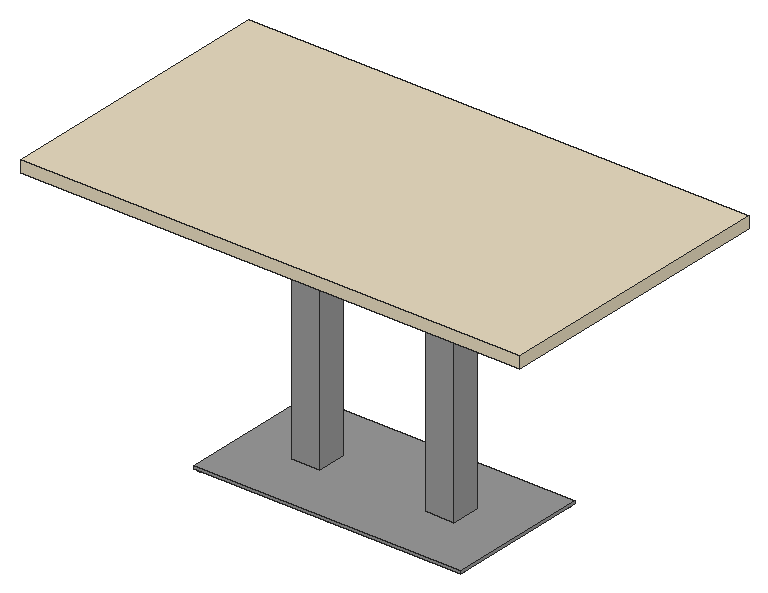
Revit family "FU_Table_Sandler_590AQ-XT", category Furniture, Revit 2020
Family settings
  OmniClass Number = 23.40.20.00
  OmniClass Title = General Furniture and Specialties
  Work Plane-Based = No
  Always vertical = Yes
  Cut with Voids When Loaded = No
  Shared = No
  Room Calculation Point = No
Parameters (values of type "590Q-MT - 32x56" Top (80x140cm)")
  Width = 750 mm
  URL = "https://www.sandlerseating.com/product/591q-mt/"
  Top Size = FU_TableTops_MT Sqr : 32x55" Top (80x140cm)
  Top Finish [instance] = Wood - Beech - Honey Stained
  Model = "590Q-MT"
  Manufacturer = "Sandler"
  Height = 720 mm
  Frame Finish [instance] = Metal - Steel - Polished
  Elevation = Height  # 720 mm
  Description = "Double column table base in stainless steel."
  Depth = 400 mm
  Default Elevation = 0 mm
Types (5, lengths in mm): name | Top Size | Frame Finish
  590Q-MT - 28x48" Top (70x120cm) | FU_TableTops_MT Sqr : 28x48" Top (70x120cm) | Metal - Steel - Polished
  590Q-MT - 28x51" Top (70x130cm) | FU_TableTops_MT Sqr : 28x52" Top (70x130cm) | Metal - Steel - Matt-Satin
  590Q-MT - 32x48" Top (80x120cm) | FU_TableTops_MT Sqr : 32x48" Top (80x120cm) | Metal - Steel - Polished
  590Q-MT - 32x51" Top (80x130cm) | FU_TableTops_MT Sqr : 32x52" Top (80x130cm) | Metal - Steel - Polished
  590Q-MT - 32x56" Top (80x140cm) | FU_TableTops_MT Sqr : 32x55" Top (80x140cm) | Metal - Steel - Polished
Reference planes
  plane 1 "Center (Front/Back)": y = 0
  plane 2: z = 0
  plane 3 "Center (Left/Right)": x = 0
  plane 4 "Right": x = -375
  plane 5 "Left": x = 375
  plane 6 "Back": y = 200
  plane 7 "Front": y = -200
  plane 8 "Height": z = 720
  plane 9 "Glide height": z = 4
  plane 10 "LG H": y = 185.83
  plane 11: x = -360.83
  plane 12: x = -187.5
Forms (mm)
  Extrusion 1, solid, material "Metal - Steel - Polished" <- "Frame Finish"
    sketch origin (0, 0, 4) x (-1, 0, 0) y (0, -1, 0)
      loop
        line (375, -200) -> (375, 200) -> (-375, 200) -> (-375, -200) -> (375, -200)
    from 0 to 6
  Revolve 2, solid, material "Rubber, Black"
    sketch origin (0, 185.83, 0) x (-1, 0, 0) y (0, 0, 1)
      loop
        line (372.33, 4) -> (360.83, 4) -> (360.83, 0) -> (370.33, 0)
        arc (370.33, 0) -> (371.744, 0.586) -> (372.33, 2) r 2
        line (372.33, 2) -> (372.33, 4)
      axis (360.83, 4) -> (360.83, 0)
    angle from 0 to 360
  Revolve 3, solid, material "Rubber, Black"
    sketch origin (0, 185.83, 0) x (1, 0, 0) y (0, 0, 1)
      loop
        line (372.33, 4) -> (362.33, 4) -> (362.33, 0) -> (370.33, 0)
        arc (370.33, 0) -> (371.744, 0.586) -> (372.33, 2) r 2
        line (372.33, 2) -> (372.33, 4)
      axis (362.33, 4) -> (362.33, 0)
    angle from 0 to 360
  Revolve 4, solid, material "Rubber, Black"
    sketch origin (0, -185.83, 0) x (-1, 0, 0) y (0, 0, -1)
      loop
        line (372.33, -4) -> (372.33, -2)
        arc (372.33, -2) -> (371.744, -0.586) -> (370.33, 0) r 2
        line (370.33, 0) -> (360.83, 0) -> (360.83, -4) -> (372.33, -4)
      axis (360.83, -4) -> (360.83, 0)
    angle from 0 to 360
  Revolve 5, solid, material "Rubber, Black"
    sketch origin (0, -185.83, 0) x (1, 0, 0) y (0, 0, 1)
      loop
        line (372.33, 4) -> (362.33, 4) -> (362.33, 0) -> (370.33, 0)
        arc (370.33, 0) -> (371.744, 0.586) -> (372.33, 2) r 2
        line (372.33, 2) -> (372.33, 4)
      axis (362.33, 4) -> (362.33, 0)
    angle from 0 to 360
  Revolve 6, solid, material "Rubber, Black"
    sketch origin (-360.83, 185.83, 0) x (1, 0, 0) y (0, 0, 1)
      loop
        line (370.83, 4) -> (360.83, 4) -> (360.83, 0) -> (368.83, 0)
        arc (368.83, 0) -> (370.244, 0.586) -> (370.83, 2) r 2
        line (370.83, 2) -> (370.83, 4)
      axis (360.83, 4) -> (360.83, 0)
    angle from 0 to 360
  Revolve 7, solid, material "Rubber, Black"
    sketch origin (-360.83, -185.83, 0) x (1, 0, 0) y (0, 0, 1)
      loop
        line (370.83, 4) -> (360.83, 4) -> (360.83, 0) -> (368.83, 0)
        arc (368.83, 0) -> (370.244, 0.586) -> (370.83, 2) r 2
        line (370.83, 2) -> (370.83, 4)
      axis (360.83, 4) -> (360.83, 0)
    angle from 0 to 360
  Extrusion 8, solid, material "Metal - Steel - Polished" <- "Frame Finish"
    sketch origin (0, 0, 4) x (-1, 0, 0) y (0, -1, 0)
      loop
        line (227.5, -40) -> (227.5, 40) -> (147.5, 40) -> (147.5, -40) -> (227.5, -40)
    from 6 to 716
  Extrusion 9, solid, material "Metal - Steel - Polished" <- "Frame Finish"
    sketch origin (0, 0, 4) x (1, 0, 0) y (0, 1, 0)
      loop
        line (227.5, 40) -> (147.5, 40) -> (147.5, -40) -> (227.5, -40) -> (227.5, 40)
    from 6 to 716
  Extrusion 10, solid, material "Metal - Steel - Polished" <- "Frame Finish"
    sketch origin (0, 0, 720) x (-1, 0, 0) y (0, -1, 0)
      loop
        line (235.5, 44.024) -> (307.236, 117.26)
        arc (307.236, 117.26) -> (304.417, 120.065) -> (301.532, 122.802) r 167.789
        line (301.532, 122.802) -> (227.879, 47.718) -> (147.12, 47.718) -> (73.468, 122.802)
        arc (73.468, 122.802) -> (70.583, 120.065) -> (67.764, 117.26) r 167.789
        line (67.764, 117.26) -> (139.5, 44.024) -> (139.5, -44.024) -> (67.486, -116.038)
        arc (67.486, -116.038) -> (70.298, -118.884) -> (73.177, -121.661) r 166.741
        line (73.177, -121.661) -> (146.556, -48.282) -> (228.444, -48.282) -> (301.823, -121.661)
        arc (301.823, -121.661) -> (304.702, -118.884) -> (307.514, -116.038) r 166.741
        line (307.514, -116.038) -> (235.5, -44.024) -> (235.5, 44.024)
    from -5.84 to -20
  Extrusion 11, solid, material "Metal - Steel - Polished" <- "Frame Finish"
    sketch origin (0, 0, 720) x (-1, 0, 0) y (0, -1, 0)
      loop
        arc (235.5, 9.198) -> (237.694, 20.46) -> (243.955, 30.074) r 30
        line (243.955, 30.074) -> (342.527, 133.309)
        arc (342.527, 133.309) -> (344.782, 138.939) -> (342.439, 144.533) r 8
        line (342.439, 144.533) -> (329.622, 157.35)
        arc (329.622, 157.35) -> (323.965, 159.693) -> (318.308, 157.35) r 8
        line (318.308, 157.35) -> (219.527, 57.069)
        arc (219.527, 57.069) -> (209.794, 50.566) -> (198.314, 48.282) r 30
        line (198.314, 48.282) -> (176.686, 48.282)
        arc (176.686, 48.282) -> (165.206, 50.566) -> (155.473, 57.069) r 30
        line (155.473, 57.069) -> (56.692, 157.35)
        arc (56.692, 157.35) -> (51.035, 159.693) -> (45.378, 157.35) r 8
        line (45.378, 157.35) -> (32.561, 144.533)
        arc (32.561, 144.533) -> (30.218, 138.939) -> (32.473, 133.309) r 8
        line (32.473, 133.309) -> (131.045, 30.074)
        arc (131.045, 30.074) -> (137.306, 20.46) -> (139.5, 9.198) r 30
        line (139.5, 9.198) -> (139.5, -9.198)
        arc (139.5, -9.198) -> (137.306, -20.46) -> (131.045, -30.074) r 30
        line (131.045, -30.074) -> (32.473, -131.809)
        arc (32.473, -131.809) -> (30.218, -137.439) -> (32.561, -143.033) r 8
        line (32.561, -143.033) -> (45.378, -155.85)
        arc (45.378, -155.85) -> (51.035, -158.193) -> (56.692, -155.85) r 8
        line (56.692, -155.85) -> (155.473, -57.069)
        arc (155.473, -57.069) -> (165.206, -50.566) -> (176.686, -48.282) r 30
        line (176.686, -48.282) -> (198.314, -48.282)
        arc (198.314, -48.282) -> (209.794, -50.566) -> (219.527, -57.069) r 30
        line (219.527, -57.069) -> (318.308, -155.85)
        arc (318.308, -155.85) -> (323.965, -158.193) -> (329.622, -155.85) r 8
        line (329.622, -155.85) -> (342.439, -143.033)
        arc (342.439, -143.033) -> (344.782, -137.439) -> (342.527, -131.809) r 8
        line (342.527, -131.809) -> (243.955, -30.074)
        arc (243.955, -30.074) -> (237.694, -20.46) -> (235.5, -9.198) r 30
        line (235.5, -9.198) -> (235.5, 9.198)
      loop
        line (53.101, -141.055) -> (62.998, -131.158)
        arc (62.998, -131.158) -> (62.998, -125.502) -> (57.342, -125.502) r 3.999
        line (57.342, -125.502) -> (47.445, -135.399)
        arc (47.445, -135.399) -> (47.5, -141.001) -> (53.101, -141.055) r 4
      loop
        arc (321.899, -141.055) -> (327.5, -141.001) -> (327.555, -135.399) r 4
        line (327.555, -135.399) -> (317.658, -125.502)
        arc (317.658, -125.502) -> (312.002, -125.502) -> (312.002, -131.158) r 3.999
        line (312.002, -131.158) -> (321.899, -141.055)
      loop
        arc (53.101, 142.555) -> (47.5, 142.501) -> (47.445, 136.899) r 4
        line (47.445, 136.899) -> (57.342, 127.002)
        arc (57.342, 127.002) -> (62.998, 127.002) -> (62.998, 132.658) r 3.999
        line (62.998, 132.658) -> (53.101, 142.555)
      loop
        line (321.899, 142.555) -> (312.002, 132.658)
        arc (312.002, 132.658) -> (312.002, 127.002) -> (317.658, 127.002) r 3.999
        line (317.658, 127.002) -> (327.555, 136.899)
        arc (327.555, 136.899) -> (327.5, 142.501) -> (321.899, 142.555) r 4
      loop
        circle (187.5, 0) r 7.5
    from -9.84 to 0
  Extrusion 12, solid, material "Metal - Steel - Polished" <- "Frame Finish"
    sketch origin (0, 0, 720) x (1, 0, 0) y (0, 1, 0)
      loop
        line (235.5, -44.024) -> (235.5, 44.024) -> (309.014, 116.038)
        arc (309.014, 116.038) -> (306.203, 118.919) -> (303.323, 121.732) r 167.824
        line (303.323, 121.732) -> (228.444, 48.282) -> (146.556, 48.282) -> (73.177, 121.661)
        arc (73.177, 121.661) -> (70.298, 118.884) -> (67.486, 116.038) r 166.741
        line (67.486, 116.038) -> (139.5, 44.024) -> (139.5, -44.024) -> (67.764, -117.26)
        arc (67.764, -117.26) -> (70.583, -120.065) -> (73.468, -122.802) r 167.789
        line (73.468, -122.802) -> (147.12, -47.718) -> (227.879, -47.718) -> (303.032, -122.871)
        arc (303.032, -122.871) -> (305.917, -120.1) -> (308.736, -117.26) r 168.862
        line (308.736, -117.26) -> (235.5, -44.024)
    from -5.84 to -20
  Extrusion 13, solid, material "Metal - Steel - Polished" <- "Frame Finish"
    sketch origin (0, 0, 720) x (1, 0, 0) y (0, 1, 0)
      loop
        line (235.5, -9.198) -> (235.5, 9.198)
        arc (235.5, 9.198) -> (237.694, 20.46) -> (243.955, 30.074) r 30
        line (243.955, 30.074) -> (344.027, 131.809)
        arc (344.027, 131.809) -> (346.282, 137.439) -> (343.939, 143.033) r 8
        line (343.939, 143.033) -> (331.122, 155.85)
        arc (331.122, 155.85) -> (325.465, 158.193) -> (319.808, 155.85) r 8
        line (319.808, 155.85) -> (219.527, 57.069)
        arc (219.527, 57.069) -> (209.794, 50.566) -> (198.314, 48.282) r 30
        line (198.314, 48.282) -> (176.686, 48.282)
        arc (176.686, 48.282) -> (165.206, 50.566) -> (155.473, 57.069) r 30
        line (155.473, 57.069) -> (56.692, 155.85)
        arc (56.692, 155.85) -> (51.035, 158.193) -> (45.378, 155.85) r 8
        line (45.378, 155.85) -> (32.561, 143.033)
        arc (32.561, 143.033) -> (30.218, 137.439) -> (32.473, 131.809) r 8
        line (32.473, 131.809) -> (131.045, 30.074)
        arc (131.045, 30.074) -> (137.306, 20.46) -> (139.5, 9.198) r 30
        line (139.5, 9.198) -> (139.5, -9.198)
        arc (139.5, -9.198) -> (137.306, -20.46) -> (131.045, -30.074) r 30
        line (131.045, -30.074) -> (32.473, -133.309)
        arc (32.473, -133.309) -> (30.218, -138.939) -> (32.561, -144.533) r 8
        line (32.561, -144.533) -> (45.378, -157.35)
        arc (45.378, -157.35) -> (51.035, -159.693) -> (56.692, -157.35) r 8
        line (56.692, -157.35) -> (155.473, -57.069)
        arc (155.473, -57.069) -> (165.206, -50.566) -> (176.686, -48.282) r 30
        line (176.686, -48.282) -> (198.314, -48.282)
        arc (198.314, -48.282) -> (209.794, -50.566) -> (219.527, -57.069) r 30
        line (219.527, -57.069) -> (319.808, -157.35)
        arc (319.808, -157.35) -> (325.465, -159.693) -> (331.122, -157.35) r 8
        line (331.122, -157.35) -> (343.939, -144.533)
        arc (343.939, -144.533) -> (346.282, -138.939) -> (344.027, -133.309) r 8
        line (344.027, -133.309) -> (243.955, -30.074)
        arc (243.955, -30.074) -> (237.694, -20.46) -> (235.5, -9.198) r 30
      loop
        arc (53.101, 141.055) -> (47.5, 141.001) -> (47.445, 135.399) r 4
        line (47.445, 135.399) -> (57.342, 125.502)
        arc (57.342, 125.502) -> (62.998, 125.502) -> (62.998, 131.158) r 3.999
        line (62.998, 131.158) -> (53.101, 141.055)
      loop
        line (323.399, 141.055) -> (313.502, 131.158)
        arc (313.502, 131.158) -> (313.502, 125.502) -> (319.158, 125.502) r 3.999
        line (319.158, 125.502) -> (329.055, 135.399)
        arc (329.055, 135.399) -> (329, 141.001) -> (323.399, 141.055) r 4
      loop
        line (53.101, -142.555) -> (62.998, -132.658)
        arc (62.998, -132.658) -> (62.998, -127.002) -> (57.342, -127.002) r 3.999
        line (57.342, -127.002) -> (47.445, -136.899)
        arc (47.445, -136.899) -> (47.5, -142.501) -> (53.101, -142.555) r 4
      loop
        arc (323.399, -142.555) -> (329, -142.501) -> (329.055, -136.899) r 4
        line (329.055, -136.899) -> (319.158, -127.002)
        arc (319.158, -127.002) -> (313.502, -127.002) -> (313.502, -132.658) r 3.999
        line (313.502, -132.658) -> (323.399, -142.555)
      loop
        circle (187.5, 0) r 7.5
    from -9.84 to 0
Cuts and joins
  joined: Extrusion 1, Extrusion 8, Extrusion 9, Extrusion 10, Extrusion 11, Extrusion 12, Extrusion 13
Dimensions and locks
  equal spacing: plane 4 "Right", plane 3 "Center (Left/Right)", plane 5 "Left"
  "Width": plane 4 "Right" to plane 5 "Left"
  equal spacing: plane 6 "Back", plane 1 "Center (Front/Back)", plane 7 "Front"
  "Depth": plane 6 "Back" to plane 7 "Front"
  "Height": plane 8 "Height" to level
  plane 9 "Glide height" to level = 4 mm
  aligned and locked: level to plane 2
  aligned and locked: plane 8 "Height" to cut or joined group of Extrusion 1, Extrusion 8, Extrusion 9, Extrusion 10, Extrusion 11, Extrusion 12, Extrusion 13  (x2)
Automatic sketch dimensions
  Extrusion 1 sketch curve to plane 5 "Left" = 0 mm
  Extrusion 1 sketch curve to plane 4 "Right" = 0 mm
  Extrusion 1 sketch curve to plane 6 "Back" = 0 mm
  Extrusion 1 sketch curve to plane 7 "Front" = 0 mm
  Revolve 2 sketch curve to plane 9 "Glide height" = 0 mm  (x2)
  plane 11 to Revolve 2 sketch curve = 0 mm  (x2)
  Revolve 2 sketch curve to level = 0 mm
  level to Revolve 2 sketch curve = 2 mm
  Revolve 2 sketch curve to plane 4 "Right" = 4.67 mm
  Revolve 2 sketch curve to level = 1.303 mm
  Revolve 3 sketch curve to plane 9 "Glide height" = 0 mm  (x2)
  Revolve 3 sketch curve to level = 0 mm
  Revolve 3 sketch curve to plane 5 "Left" = 12.67 mm
  Revolve 3 sketch curve to level = 2 mm
  Revolve 3 sketch curve to plane 5 "Left" = 4.67 mm
  Revolve 3 sketch curve to Revolve 3 sketch curve = 0 mm
  Revolve 3 sketch curve to Revolve 3 sketch curve = 1.303 mm
  Revolve 4 sketch curve to plane 9 "Glide height" = 0 mm  (x2)
  plane 11 to Revolve 4 sketch curve = 0 mm  (x2)
  Revolve 4 sketch curve to level = 0 mm
  level to Revolve 4 sketch curve = 2 mm
  Revolve 4 sketch curve to plane 4 "Right" = 4.67 mm
  Revolve 4 sketch curve to level = 1.303 mm
  Revolve 5 sketch curve to plane 9 "Glide height" = 0 mm  (x2)
  Revolve 5 sketch curve to level = 0 mm
  plane 5 "Left" to Revolve 5 sketch curve = 12.67 mm
  level to Revolve 5 sketch curve = 2 mm
  plane 5 "Left" to Revolve 5 sketch curve = 4.67 mm
  Revolve 5 sketch curve to Revolve 5 sketch curve = 0 mm
  Revolve 5 sketch curve to Revolve 5 sketch curve = 1.303 mm
  Revolve 6 sketch curve to plane 9 "Glide height" = 0 mm  (x2)
  Revolve 6 sketch curve to level = 0 mm
  plane 3 "Center (Left/Right)" to Revolve 6 sketch curve = 0 mm
  Revolve 6 sketch curve to level = 2 mm
  Revolve 6 sketch curve to plane 3 "Center (Left/Right)" = 8 mm
  Revolve 6 sketch curve to Revolve 6 sketch curve = 0 mm
  Revolve 6 sketch curve to Revolve 6 sketch curve = 1.303 mm
  Revolve 7 sketch curve to plane 9 "Glide height" = 0 mm  (x2)
  Revolve 7 sketch curve to level = 0 mm
  Revolve 7 sketch curve to plane 3 "Center (Left/Right)" = 0 mm
  level to Revolve 7 sketch curve = 2 mm
  plane 3 "Center (Left/Right)" to Revolve 7 sketch curve = 8 mm
  Revolve 7 sketch curve to Revolve 7 sketch curve = 0 mm
  Revolve 7 sketch curve to Revolve 7 sketch curve = 1.303 mm
  Extrusion 8 sketch curve to plane 12 = 40 mm
  Extrusion 8 sketch curve to plane 1 "Center (Front/Back)" = 40 mm
  plane 1 "Center (Front/Back)" to Extrusion 9 sketch curve = 40 mm
  Extrusion 9 sketch curve to plane 3 "Center (Left/Right)" = 147.5 mm
  Extrusion 10 sketch curve to Extrusion 10 sketch curve = 0 mm  (x12)
  Extrusion 10 sketch curve to plane 12 = 0 mm
  Extrusion 10 sketch curve to plane 12 = 40.38 mm
  Extrusion 10 sketch curve to plane 12 = 40.944 mm
  Extrusion 10 sketch curve to Extrusion 10 sketch curve = 7.056 mm  (x2)
  Extrusion 10 sketch curve to plane 3 "Center (Left/Right)" = 73.468 mm
  Extrusion 10 sketch curve to plane 3 "Center (Left/Right)" = 73.177 mm
  Extrusion 10 sketch curve to Extrusion 10 sketch curve = 5.704 mm  (x2)
  Extrusion 10 sketch curve to Extrusion 10 sketch curve = 5.691 mm  (x2)
  plane 12 to Extrusion 10 sketch curve = 40.38 mm
  plane 12 to Extrusion 10 sketch curve = 40.944 mm
  Extrusion 10 sketch curve to plane 11 = 59.298 mm
  Extrusion 10 sketch curve to plane 11 = 59.007 mm
  Extrusion 10 sketch curve to plane 10 "LG H" = 64.169 mm  (x2)
  Extrusion 10 sketch curve to Extrusion 10 sketch curve = 5.623 mm
  Extrusion 10 sketch curve to plane 1 "Center (Front/Back)" = 48.282 mm
  Extrusion 10 sketch curve to Extrusion 10 sketch curve = 4.258 mm  (x2)
  plane 1 "Center (Front/Back)" to Extrusion 10 sketch curve = 44.024 mm  (x2)
  Extrusion 10 sketch curve to Extrusion 10 sketch curve = 3.693 mm
  plane 7 "Front" to Extrusion 10 sketch curve = 82.74 mm  (x2)
  plane 1 "Center (Front/Back)" to Extrusion 11 sketch curve = 0 mm
  Extrusion 11 sketch curve to plane 12 = 0 mm
  Extrusion 11 sketch curve to plane 12 = 10.814 mm  (x2)
  Extrusion 11 sketch curve to Extrusion 11 sketch curve = 21.213 mm  (x5)
  plane 1 "Center (Front/Back)" to Extrusion 11 sketch curve = 9.198 mm  (x2)
  Extrusion 11 sketch curve to plane 12 = 48 mm
  Extrusion 11 sketch curve to plane 1 "Center (Front/Back)" = 30.074 mm  (x2)
  Extrusion 11 sketch curve to Extrusion 11 sketch curve = 8.455 mm  (x4)
  plane 1 "Center (Front/Back)" to Extrusion 11 sketch curve = 30.074 mm  (x2)
  Extrusion 11 sketch curve to plane 1 "Center (Front/Back)" = 9.198 mm  (x2)
  Extrusion 11 sketch curve to plane 3 "Center (Left/Right)" = 62.998 mm  (x2)
  Extrusion 11 sketch curve to Extrusion 11 sketch curve = 2.828 mm  (x12)
  Extrusion 11 sketch curve to Extrusion 11 sketch curve = 6.306 mm  (x4)
  Extrusion 11 sketch curve to Extrusion 11 sketch curve = 9.897 mm  (x8)
  Extrusion 11 sketch curve to Extrusion 11 sketch curve = 5.657 mm  (x18)
  Extrusion 11 sketch curve to Extrusion 11 sketch curve = 2.773 mm  (x6)
  Extrusion 11 sketch curve to Extrusion 11 sketch curve = 2.883 mm  (x6)
  Extrusion 11 sketch curve to plane 10 "LG H" = 29.98 mm  (x2)
  Extrusion 11 sketch curve to Extrusion 11 sketch curve = 9.227 mm  (x4)
  Extrusion 11 sketch curve to Extrusion 11 sketch curve = 5.745 mm  (x4)
  plane 12 to Extrusion 11 sketch curve = 10.814 mm  (x2)
  plane 12 to Extrusion 11 sketch curve = 48 mm
  Extrusion 11 sketch curve to plane 11 = 48.828 mm  (x2)
  Extrusion 11 sketch curve to Extrusion 11 sketch curve = 12.817 mm  (x2)
  Extrusion 11 sketch curve to Extrusion 11 sketch curve = 9.138 mm  (x4)
  Extrusion 11 sketch curve to Extrusion 11 sketch curve = 48.208 mm
  Extrusion 11 sketch curve to Extrusion 11 sketch curve = 0 mm
  plane 1 "Center (Front/Back)" to Extrusion 11 sketch curve = 48.282 mm
  Extrusion 11 sketch curve to Extrusion 11 sketch curve = 8.787 mm  (x2)
  plane 7 "Front" to Extrusion 11 sketch curve = 72.998 mm  (x2)
  Extrusion 11 sketch curve to Extrusion 11 sketch curve = 6.307 mm  (x2)
  Extrusion 11 sketch curve to Extrusion 11 sketch curve = 5.567 mm  (x2)
  Extrusion 12 sketch curve to Extrusion 12 sketch curve = 0 mm  (x12)
  Extrusion 12 sketch curve to plane 3 "Center (Left/Right)" = 67.486 mm
  Extrusion 12 sketch curve to plane 3 "Center (Left/Right)" = 67.764 mm
  Extrusion 12 sketch curve to Extrusion 12 sketch curve = 5.691 mm  (x2)
  Extrusion 12 sketch curve to Extrusion 12 sketch curve = 5.704 mm  (x2)
  plane 1 "Center (Front/Back)" to Extrusion 12 sketch curve = 44.024 mm  (x2)
  Extrusion 12 sketch curve to Extrusion 12 sketch curve = 72.014 mm
  plane 1 "Center (Front/Back)" to Extrusion 12 sketch curve = 48.282 mm
  Extrusion 12 sketch curve to Extrusion 12 sketch curve = 7.056 mm  (x2)
  Extrusion 12 sketch curve to plane 1 "Center (Front/Back)" = 47.718 mm
  Extrusion 12 sketch curve to Extrusion 12 sketch curve = 7.62 mm
  plane 1 "Center (Front/Back)" to Extrusion 12 sketch curve = 0.282 mm
  Extrusion 12 sketch curve to Extrusion 12 sketch curve = 40.38 mm  (x2)
  Extrusion 12 sketch curve to Extrusion 12 sketch curve = 40.944 mm
  Extrusion 12 sketch curve to plane 5 "Left" = 71.968 mm
  Extrusion 12 sketch curve to plane 5 "Left" = 71.677 mm
  plane 10 "LG H" to Extrusion 12 sketch curve = 69.792 mm  (x2)
  Extrusion 12 sketch curve to Extrusion 12 sketch curve = 3.693 mm  (x2)
  Extrusion 12 sketch curve to plane 7 "Front" = 82.74 mm  (x2)
  plane 1 "Center (Front/Back)" to Extrusion 13 sketch curve = 0 mm
  Extrusion 13 sketch curve to plane 3 "Center (Left/Right)" = 32.473 mm  (x2)
  Extrusion 13 sketch curve to Extrusion 13 sketch curve = 0.089 mm  (x2)
  Extrusion 13 sketch curve to Extrusion 13 sketch curve = 5.745 mm  (x4)
  Extrusion 13 sketch curve to Extrusion 13 sketch curve = 12.817 mm  (x4)
  Extrusion 13 sketch curve to Extrusion 13 sketch curve = 9.227 mm  (x4)
  Extrusion 13 sketch curve to Extrusion 13 sketch curve = 2.883 mm  (x6)
  Extrusion 13 sketch curve to Extrusion 13 sketch curve = 5.657 mm  (x16)
  Extrusion 13 sketch curve to Extrusion 13 sketch curve = 2.773 mm  (x6)
  plane 10 "LG H" to Extrusion 13 sketch curve = 29.98 mm  (x2)
  Extrusion 13 sketch curve to Extrusion 13 sketch curve = 9.897 mm  (x8)
  Extrusion 13 sketch curve to Extrusion 13 sketch curve = 2.828 mm  (x12)
  plane 1 "Center (Front/Back)" to Extrusion 13 sketch curve = 9.198 mm  (x2)
  Extrusion 13 sketch curve to plane 3 "Center (Left/Right)" = 109.5 mm
  Extrusion 13 sketch curve to Extrusion 13 sketch curve = 0 mm
  Extrusion 13 sketch curve to plane 1 "Center (Front/Back)" = 30.074 mm  (x2)
  Extrusion 13 sketch curve to Extrusion 13 sketch curve = 21.545 mm  (x2)
  plane 1 "Center (Front/Back)" to Extrusion 13 sketch curve = 30.074 mm  (x2)
  Extrusion 13 sketch curve to plane 1 "Center (Front/Back)" = 57.069 mm  (x2)
  Extrusion 13 sketch curve to Extrusion 13 sketch curve = 24.427 mm  (x2)
  plane 1 "Center (Front/Back)" to Extrusion 13 sketch curve = 57.069 mm  (x2)
  Extrusion 13 sketch curve to Extrusion 13 sketch curve = 21.213 mm  (x5)
  Extrusion 13 sketch curve to Extrusion 13 sketch curve = 48 mm  (x2)
  Extrusion 13 sketch curve to Extrusion 13 sketch curve = 21.628 mm  (x2)
  Extrusion 13 sketch curve to plane 1 "Center (Front/Back)" = 9.198 mm
  Extrusion 13 sketch curve to Extrusion 13 sketch curve = 8.455 mm  (x2)
  Extrusion 13 sketch curve to plane 5 "Left" = 61.498 mm  (x2)
  Extrusion 13 sketch curve to Extrusion 13 sketch curve = 6.306 mm  (x2)
  Extrusion 13 sketch curve to Extrusion 13 sketch curve = 9.138 mm  (x4)
  Extrusion 13 sketch curve to Extrusion 13 sketch curve = 8.787 mm
  Extrusion 13 sketch curve to plane 7 "Front" = 72.998 mm  (x2)
  Extrusion 13 sketch curve to Extrusion 13 sketch curve = 6.307 mm  (x2)
  Extrusion 13 sketch curve to Extrusion 13 sketch curve = 5.567 mm  (x2)
  plane 12 to Extrusion 8 sketch curve = 40 mm
  plane 1 "Center (Front/Back)" to Extrusion 8 sketch curve = 40 mm
  Extrusion 9 sketch curve to Extrusion 9 sketch curve = 80 mm
  Extrusion 9 sketch curve to plane 1 "Center (Front/Back)" = 40 mm
  radius of Extrusion 11 sketch curve = 7.5 mm
  radius of Extrusion 13 sketch curve = 7.5 mm
Nested families
  nested 1: "FU_TableTops_MT Sqr" at (0, 0, 0), Top Elevation <- "Elevation", Top Finish <- "Top Finish", type <- "Top Size", type "32x55" Top (80x140cm)"
    with Top Finish Wood - Beech - Honey Stained, Top Elevation 720 mm
Definition of nested family "FU_TableTops_MT Sqr"
  Parameters (values of type "24x48" Top (60x120cm)")
    Width = 1200 mm
    Top Finish [instance] = none
    Top Elevation [instance] = 1100 mm
    Depth = 600 mm
    Default Elevation = 0 mm
  Types (16, lengths in mm): name | Width | Depth
    28x48" Top (70x120cm) | 1200 | 700
    28x52" Top (70x130cm) | 1300 | 700
    32x48" Top (80x120cm) | 1200 | 800
    32x52" Top (80x130cm) | 1300 | 800
    28x55" Top (70x140cm) | 1400 | 700
    32x55" Top (80x140cm) | 1400 | 800
    24" Square (60cm) | 600 | 600
    28" Square (70cm) | 700 | 700
    32" Square (80cm) | 800 | 800
    36" Square (90cm) | 900 | 900
    40" Square (100cm) | 1000 | 1000
    44" Square (110cm) | 1100 | 1100
    28x44" Top (70x110cm) | 1100 | 700
    24x40" Top (60x100cm) | 1000 | 600
    24x44" Top (60x110cm) | 1100 | 600
    24x48" Top (60x120cm) | 1200 | 600
  Reference planes
    plane 1 "Center (Front/Back)": y = 0
    plane 2: z = 0
    plane 3 "Center (Left/Right)": x = 0
    plane 4 "Right": x = -600
    plane 5 "Left": x = 600
    plane 6 "Back": y = 300
    plane 7 "Front": y = -300
    plane 8 "Elevation": z = 1100
    plane 9 "Top Height": z = 1131.75
  Forms (mm)
    Extrusion 1, solid, material <- "Top Finish"
      sketch origin (0, 0, 1100) x (-1, 0, 0) y (0, -1, 0)
        loop
          line (600, -300) -> (600, 300) -> (-600, 300) -> (-600, -300) -> (600, -300)
      from 0 to 31.75
  Dimensions and locks
    equal spacing: plane 4 "Right", plane 3 "Center (Left/Right)", plane 5 "Left"
    "Width": plane 4 "Right" to plane 5 "Left"
    equal spacing: plane 6 "Back", plane 1 "Center (Front/Back)", plane 7 "Front"
    "Depth": plane 6 "Back" to plane 7 "Front"
    "Top Elevation": plane 8 "Elevation" to level
    locked: plane 9 "Top Height" to plane 8 "Elevation" at 31.75
    aligned and locked: level to plane 2
    aligned and locked: Extrusion 1 sketch curve to plane 6 "Back"
    aligned and locked: Extrusion 1 sketch curve to plane 4 "Right"
    aligned and locked: plane 7 "Front" to Extrusion 1 sketch curve
    aligned and locked: plane 5 "Left" to Extrusion 1 sketch curve
    aligned and locked: Extrusion 1 to plane 8 "Elevation"
    aligned and locked: plane 8 "Elevation" to Extrusion 1  (x2)
    aligned and locked: plane 9 "Top Height" to Extrusion 1
    aligned and locked: Extrusion 1 to plane 9 "Top Height"
